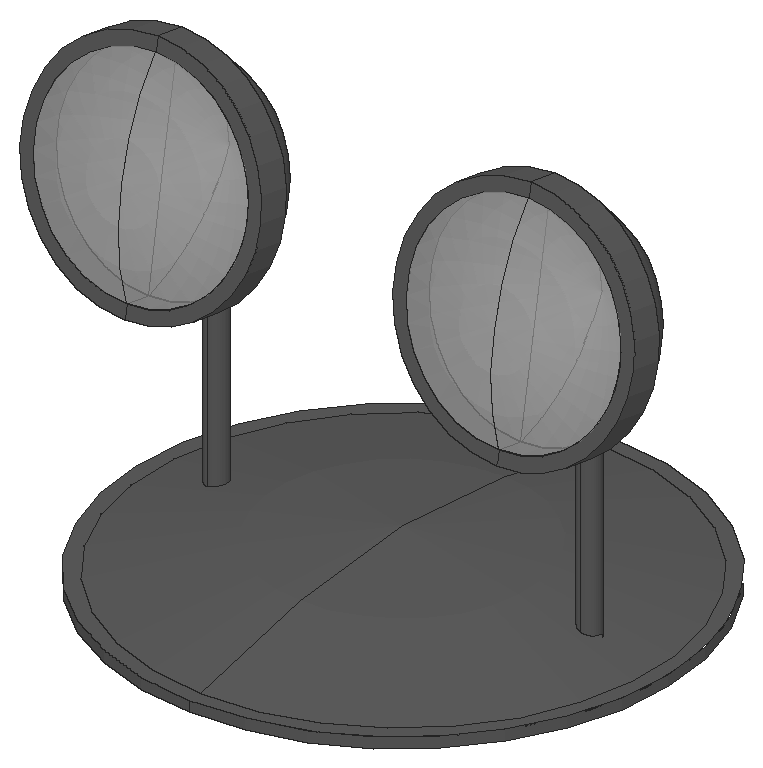
Revit family "GNX Double", category Lighting Fixtures, host Face, Revit 2012
Parameters (values of type "GNX - Black")
  Wattage Comments = "5-35 W"
  Voltage = 6 V
  URL = "http://www.dual-lite.com/"
  Total Input Wattage = 5 W
  Tilt Angle [instance] = 10.00°
  Lens = Hubbell - Glass
  Product Page URL = "http://www.dual-lite.com/products/gnx"
  Product Documentation Link = "http://cdn.dual-lite.com/content/products/specs/specs_files/dlt_remoteheads_specsht.pdf"
  Photometric Web [instance] = GNX Photometry : gnx-1218
  Model = "GNX"  # constant formula
  Manufacturer Phone = "864-678-1000"  # constant formula
  Manufacturer Fax = "866-898-0131"  # constant formula
  Manufacturer = "Dual-lite"  # constant formula
  Load Classification = Lighting
  Description = "Environmental Lighting Head"  # constant formula
  Default Elevation = 48.000"
  Fixture Color = Hubbell - Paint - Black
  Apparent Load = 5 VA
Reference planes (in)
  plane 1 "Center (Front/Back)": y = 0
  plane 2: z = 0
  plane 3 "Center (Left/Right)": x = 0
  plane 4: z = 4
  plane 5: z = 0.2
  plane 6: y = -3.5
  plane 7: y = 3.5
  plane 8: x = -3
  plane 9: x = 3
Dimensions and locks (in)
  locked: plane 5 to plane 2 at 0.2
  equal spacing: plane 8, plane 3 "Center (Left/Right)", plane 9, locked at 3 each
  plane 8 to plane 9 = 6.000"
  equal spacing: plane 6, plane 1 "Center (Front/Back)", plane 7
  plane 2 to plane 5 = 0.200"
  locked: plane 2 to plane 4 at 4
  plane 6 to plane 7 = 7.000"
  locked: plane 1 "Center (Front/Back)" to plane 7 at 3.5
  aligned and locked: plane 2 to host face
  aligned and locked: level to host face
  aligned and locked: plane 3 "Center (Left/Right)" to nested 1
  aligned and locked: nested 1 to plane 1 "Center (Front/Back)"
  aligned and locked: nested 2 to nested 1
  aligned and locked: nested 3 to nested 1
Automatic sketch dimensions
  host sketch curve to host sketch curve = 96.000"  (x2)
Nested families (in)
  nested 1: "GNX" at (0, 0, 0) x (0, 1, 0) z (0, 0, 1), Tilt Angle <- "Tilt Angle", type "GNX"
    with zz Angle1 10.00°, Tilt Angle 10.00°
  nested 2: "GNX Photometry" at (-3.73896, -1.76182, 6.40251) x (-1, 0, 0) z (0, -0.9848, 0.1736), type <- "Photometric Web", type "gnx-1218"
  nested 3: "GNX Photometry" at (3.26104, -1.76211, 6.4009) x (-1, 0, 0) z (0, -0.9848, 0.1736), type <- "Photometric Web", type "gnx-1218"
Connectors (in)
  electrical at (0, 0, 0), driven by "Load Classification", driven by "Voltage", driven by "Apparent Load"
    settings: on nested 1, index 1, voltage 6 V, apparent load 5 VA, apparent load phase1 0 VA, apparent load phase2 0 VA, apparent load phase3 0 VA, power factor 1, load classification "Lighting", number of poles 1, system type 30, power factor state 1, is connector primary yes, connector utility no, sub classification motor no, connector description "Electrical Connector"
Definition of nested family "GNX"
  Parameters (values of type "GNX")
    zz Angle1 [instance] = if(Tilt Angle < 10.00°, 10.00°, if(Tilt Angle > 140.00°, 140.00°, Tilt Angle))  # 25.00°
    Wattage Comments = "5-35 W"
    Voltage = 6 V
    URL = "http://www.dual-lite.com/"
    Total Input Wattage = 5 W
    Tilt Angle [instance] = 25.00°
    Lens = Hubbell - Glass
    Product Page URL = "http://www.dual-lite.com/products/gnx"
    Product Documentation Link = "http://cdn.dual-lite.com/content/products/specs/specs_files/dlt_remoteheads_specsht.pdf"
    Model = "GNX"  # constant formula
    Manufacturer Phone = "864-678-1000"  # constant formula
    Manufacturer Fax = "866-898-0131"  # constant formula
    Manufacturer = "Dual-lite"  # constant formula
    Load Classification = Lighting
    Description = "Environmental Lighting Head"  # constant formula
    Default Elevation = 48.000"
    Fixture Color = Hubbell - Paint - Black
    Apparent Load = 5 VA
  Reference planes (in)
    plane 1 "Center (Front/Back)": y = 0
    plane 2: z = 0
    plane 3 "Center (Left/Right)": x = 0
    plane 4: z = 4
    plane 5: z = 0.2
    plane 6: y = -3.5
    plane 7: y = 3.5
    plane 8: x = -3
    plane 9: x = 3
  Forms (in)
    Extrusion 1, solid
      sketch origin (0, 0, 0) x (1, 0, 0) y (0, 1, 0)
        loop
          line (-48, 48) -> (-48, -48) -> (48, -48) -> (48, 48) -> (-48, 48)
      from 0 to -12
    Extrusion 2, solid, material "Hubbell - Paint - Black" <- "Fixture Color"
      sketch origin (0, 0, 0) x (1, 0, 0) y (0, 1, 0)
        loop
          circle (0, 0) r 5
      from 0 to 0.2
    Revolve 3, solid, material "Hubbell - Paint - Black" <- "Fixture Color"
      sketch origin (-60, 3.5, 48) x (-1, 0, 0) y (0, 0, 1)
        loop
          line (-60, -47.8) -> (-60, -44) -> (-60.2, -44) -> (-60.2, -47.8) -> (-60, -47.8)
        axis (-60, -44) -> (-60, -47.8)
      angle from 0 to 360
    Revolve 4, solid, material "Hubbell - Paint - Black" <- "Fixture Color"
      sketch origin (-64.87214, -3.5, 48) x (-1, 0, 0) y (0, 0, 1)
        loop
          line (-64.87214, -47.8) -> (-64.87214, -44) -> (-65.07214, -44) -> (-65.07214, -47.8) -> (-64.87214, -47.8)
        axis (-64.87214, -44) -> (-64.87214, -47.8)
      angle from 0 to 360
    Revolve 5, solid, material "Hubbell - Paint - Black" <- "Fixture Color"
      sketch origin (0, 0, 0) x (1, 0, 0) y (0, 0, 1)
        loop
          line (0, 0.2) -> (4.73531, 0.2)
          arc (4.73531, 0.2) -> (2.39097, 0.72217) -> (0, 0.95) r 19.35779
          line (0, 0.95) -> (0, 0.2)
        axis (0, 0.95) -> (0, 0.2)
      angle from 0 to 360
  Dimensions and locks (in)
    locked: plane 5 to plane 2 at 0.2
    equal spacing: plane 8, plane 3 "Center (Left/Right)", plane 9, locked at 3 each
    plane 8 to plane 9 = 6.000"
    locked: plane 1 "Center (Front/Back)" to Extrusion 2 sketch curve at 0
    plane 3 "Center (Left/Right)" to Extrusion 2 sketch curve = 5.000"
    equal spacing: plane 6, plane 1 "Center (Front/Back)", plane 7
    plane 2 to plane 5 = 0.200"
    locked: plane 2 to plane 4 at 4
    locked: Revolve 3 sketch curve to Revolve 3 sketch curve at 0.2
    locked: Revolve 4 sketch curve to Revolve 4 sketch curve at 0.2
    plane 6 to plane 7 = 7.000"
    locked: plane 1 "Center (Front/Back)" to plane 7 at 3.5
    "zz Angle1": angle nested 1 to plane 3 "Center (Left/Right)"
    "zz Angle1": angle nested 2 to plane 3 "Center (Left/Right)"
    aligned and locked: plane 2 to Extrusion 1
    aligned and locked: level to Extrusion 1
    aligned and locked: plane 5 to Extrusion 2
    aligned and locked: Revolve 4 sketch curve to plane 3 "Center (Left/Right)"
    aligned and locked: plane 5 to Revolve 3 sketch curve
    aligned and locked: plane 5 to Revolve 4 sketch curve
    aligned and locked: nested 1 to nested 2
    aligned and locked: plane 4 to Revolve 3 sketch curve
    aligned and locked: plane 4 to Revolve 4 sketch curve
    aligned and locked: plane 4 to nested 1
    aligned and locked: plane 3 "Center (Left/Right)" to nested 1
    aligned and locked: nested 2 to plane 6
    aligned and locked: plane 7 to nested 1
  Automatic sketch dimensions
    Extrusion 1 sketch curve to Extrusion 1 sketch curve = 96.000"  (x2)
    Extrusion 2 sketch curve to plane 3 "Center (Left/Right)" = 0.000"
    level to Revolve 3 sketch curve = 24.000"
    Revolve 3 sketch curve to Revolve 3 sketch curve = 99.71882"
    Revolve 4 sketch curve to plane 3 "Center (Left/Right)" = 0.000"
    Revolve 4 sketch curve to level = 24.16935"
    Revolve 4 sketch curve to Revolve 4 sketch curve = 99.54947"
    Revolve 3 sketch curve to plane 3 "Center (Left/Right)" = 0.000"  (x2)
    Revolve 5 sketch curve to plane 3 "Center (Left/Right)" = 0.000"  (x2)
    Revolve 5 sketch curve to plane 5 = 0.000"
    Revolve 5 sketch curve to plane 3 "Center (Left/Right)" = 0.63726"
    Revolve 5 sketch curve to plane 9 = 1.73531"
    Revolve 5 sketch curve to level = 0.89187"
    Revolve 5 sketch curve to Revolve 5 sketch curve = 17.50543"
    Revolve 5 sketch curve to plane 4 = 1.250"
  Nested families (in)
    nested 1: "GNX Model" at (0, 3.5, 4) x (0.9063, 0, -0.4226) z (0, -1, 0), type "Black"
    nested 2: "GNX Model" at (0, -3.5, 4) x (0.9063, 0, -0.4226) z (0, -1, 0), type "Black"
  Definition of nested family "GNX Model"
    Parameters (values of type "Black")
      URL = ""
      Product Page URL = ""
      Product Documentation Link = ""
      Manufacturer Phone = ""
      Manufacturer Fax = ""
      Manufacturer = ""
      Lens = Hubbell - Glass
      Finish = Hubbell - Paint - Black
    Reference planes (in)
      plane 1 "Center (Front/Back)": y = 0
      plane 2: z = 0
      plane 3 "Center (Left/Right)": x = 0
      plane 4: z = 5.6
      plane 5: z = 5.1
      plane 6: z = 11.8
      plane 7: y = 4.5
      plane 8: x = -4.246
      plane 9: y = 2.25
      plane 10: z = 0.25
      plane 11: z = -0.25
      plane 12: z = 0
      plane 13: through (0, 0, 48) normal (0.8192, 0.5736, 0)
      plane 14: y = 0
      plane 15: y = 2
    Forms (in)
      Revolve 1, solid, material "Hubbell - Paint - Black" <- "Finish"
        sketch origin (2.09375, -0.25, 0) x (1, 0, 0) y (0, 1, 0)
          loop
            line (-1.93672, 2.25) -> (-2.15593, 2.25)
            arc (-2.15593, 2.25) -> (-2.71089, 1.07318) -> (-3.7185, 0.25) r 2.94713
            line (-3.7185, 0.25) -> (-4.246, 0.25) -> (-4.246, 0) -> (-3.66713, 0) -> (-3.58932, 0.13477)
            arc (-3.58932, 0.13477) -> (-2.47154, 0.96465) -> (-1.93672, 2.25) r 2.61982
          axis (-4.246, 2.25) -> (-1.93672, 2.25)
        angle from 0 to 360
      Revolve 2, solid, material "Hubbell - Glass" <- "Lens"
        sketch origin (2.09375, -0.25, 0) x (1, 0, 0) y (0, 1, 0)
          loop
            line (-3.7185, 0.25) -> (-3.7185, 2.25) -> (-4.70774, 2.25)
            arc (-4.70774, 2.25) -> (-4.60006, 1.22156) -> (-4.246, 0.25) r 4.22884
            line (-4.246, 0.25) -> (-3.7185, 0.25)
          axis (-4.70774, 2.25) -> (-3.7185, 2.25)
        angle from 0 to 360
      Extrusion 3, solid, material "Hubbell - Paint - Black" <- "Finish"
        sketch origin (0, 0, 0) x (1, 0, 0) y (0, 1, 0)
          loop
            arc (-0.41377, -0.28071) -> (0.21157, -0.45303) -> (0.48084, 0.13708) r 0.5
            line (0.48084, 0.13708) -> (0.01536, 1.76991) -> (-0.82404, 0.32404) -> (-0.41377, -0.28071)
        from -0.25 to 0.25
    Cuts and joins
      joined: Revolve 1, Extrusion 3
    Lines and regions (in)
      reference lines
        curve 1: line (0, 0, 0) -> (0.87865, 0, 0)
        curve 2: line (0, 0, 0) -> (0, 0.29239, 0)
    Dimensions and locks (in)
      locked: plane 4 to plane 5 at 0.5
      plane 6 to plane 5 = 6.700"
      equal spacing: plane 7, plane 9, plane 1 "Center (Front/Back)"
      plane 7 to plane 1 "Center (Front/Back)" = 4.500"
      locked: plane 9 to plane 15 at 0.25
      aligned and locked: Revolve 1 to Revolve 2 sketch curve
      aligned and locked: plane 11 to Extrusion 3
      aligned and locked: plane 10 to Extrusion 3
      aligned and locked: plane 14 to curve 1
    Automatic sketch dimensions
      Revolve 1 sketch curve to plane 8 = 2.09375"
      plane 1 "Center (Front/Back)" to Revolve 1 sketch curve = 0.250"
      Revolve 1 sketch curve to plane 9 = 0.250"  (x2)
      Revolve 1 sketch curve to plane 8 = 1.80377"
      Revolve 1 sketch curve to Revolve 1 sketch curve = 0.49728"
      Revolve 1 sketch curve to plane 1 "Center (Front/Back)" = 0.000"
      Revolve 1 sketch curve to plane 8 = 2.62125"
      Revolve 1 sketch curve to Revolve 1 sketch curve = 0.05137"
      plane 1 "Center (Front/Back)" to Revolve 1 sketch curve = 0.11523"
      Revolve 1 sketch curve to Revolve 1 sketch curve = 0.07781"
      Revolve 1 sketch curve to plane 3 "Center (Left/Right)" = 0.06218"
      Revolve 1 sketch curve to Revolve 1 sketch curve = 0.21921"
      Revolve 1 sketch curve to Revolve 1 sketch curve = 11.30875"
      plane 3 "Center (Left/Right)" to Revolve 1 sketch curve = 10.97206"
      Revolve 2 sketch curve to plane 9 = 0.250"  (x2)
      Revolve 2 sketch curve to plane 8 = 2.09375"
      Revolve 2 sketch curve to plane 8 = 1.63201"
      Revolve 2 sketch curve to Revolve 2 sketch curve = 11.63427"
      Revolve 2 sketch curve to plane 1 "Center (Front/Back)" = 0.000"
      Revolve 2 sketch curve to plane 9 = 0.32716"
      plane 3 "Center (Left/Right)" to Revolve 2 sketch curve = 10.97206"
      plane 1 "Center (Front/Back)" to Extrusion 3 sketch curve = 0.000"
      Extrusion 3 sketch curve to plane 3 "Center (Left/Right)" = 0.000"
      Extrusion 3 sketch curve to plane 3 "Center (Left/Right)" = 0.41377"
      Extrusion 3 sketch curve to plane 1 "Center (Front/Back)" = 0.32404"
      plane 3 "Center (Left/Right)" to Extrusion 3 sketch curve = 0.01536"
      Extrusion 3 sketch curve to plane 1 "Center (Front/Back)" = 0.13708"
      plane 3 "Center (Left/Right)" to Extrusion 3 sketch curve = 0.48084"
      Extrusion 3 sketch curve to plane 9 = 0.48009"
      Extrusion 3 sketch curve to Extrusion 3 sketch curve = 0.41027"
      curve 2 to plane 3 "Center (Left/Right)" = 0.000"
      plane 3 "Center (Left/Right)" to curve 1 = 0.87865"
      curve 1 to curve 2 = 0.29239"
Definition of nested family "GNX Photometry"
  Parameters (values of type "gnx-0612")
    Wattage Comments = ""
    Wattage = 12 W
    built-in parameter 1150110 = 1 (stored number, unit not read)
    Voltage = 6 V
    URL = ""
    built-in parameter 1114217 = 1 (stored number, unit not read)
    Tilt Angle = 90.00°
    built-in parameter 1150109 = 1 (stored number, unit not read)
    built-in parameter 1150134 = 3
    built-in parameter 1150113 = 1 (stored number, unit not read)
    Product Page URL = ""
    Product Documentation Link = ""
    Photometric Web File = "gnx-0612.ies"
    Model = ""
    Manufacturer Phone = ""
    Manufacturer Fax = ""
    Manufacturer = ""
    built-in parameter 1150105 = 77.588 (stored number, unit not read)
    Lumens = 975 lm
    built-in parameter 1150115 = 1 (stored number, unit not read)
    built-in parameter 1150137 = (empty or 0)
    built-in parameter 1150139 = (empty or 0)
    built-in parameter 1150112 = 1 (stored number, unit not read)
    built-in parameter 1150114 = 1 (stored number, unit not read)
    Lamp = ""
    built-in parameter 1150132 = 1
    built-in parameter 1150102 = (empty or 0)
    built-in parameter 1150107 = 3200 (stored number, unit not read)
    built-in parameter 1150138 = (empty or 0)
    built-in parameter 1150106 = 0.77588 (stored number, unit not read)
    Emit from Circle Diameter = 3.500"  # constant formula
    Emit Shape Visible in Rendering = no
    built-in parameter 1150104 = 7.5484 (stored number, unit not read)
    Dimming Lamp Color Temperature Shift = (empty or 0)
    Description = ""
    Default Elevation = 48.000"
    Color Filter = 16777215
    built-in parameter 1114218 = 1 (stored number, unit not read)
    built-in parameter 1150133 = 10 (stored number, unit not read)
    Apparent Load = 5.4 VA
  Types (13): name | Wattage | Voltage | Tilt Angle | Photometric Web File | built-in parameter 1150105 | Lumens | built-in parameter 1150106
    gnx-0605 | 5 W | 6 V | 0.00° | "gnx-0605.ies" | 32.328 (stored number, unit not read) | 406.25 lm | 0.32328 (stored number, unit not read)
    gnx-0607 | 7.2 W | 6 V | 90.00° | "gnx-0607.ies" | 46.553 (stored number, unit not read) | 585 lm | 0.46553 (stored number, unit not read)
    gnx-0608 | 8 W | 6 V | 90.00° | "gnx-0608.ies" | 51.725 (stored number, unit not read) | 650 lm | 0.51725 (stored number, unit not read)
    gnx-0612 | 12 W | 6 V | 90.00° | "gnx-0612.ies" | 77.588 (stored number, unit not read) | 975 lm | 0.77588 (stored number, unit not read)
    gnx-0618 | 18 W | 6 V | 90.00° | "gnx-0618.ies" | 116.38 (stored number, unit not read) | 1462.5 lm | 1.1638 (stored number, unit not read)
    gnx-0620 | 20 W | 6 V | 90.00° | "gnx-0620.ies" | 129.31 (stored number, unit not read) | 1625 lm | 1.2931 (stored number, unit not read)
    gnx-0625 | 25 W | 6 V | 90.00° | "gnx-0625.ies" | 161.64 (stored number, unit not read) | 2031.25 lm | 1.6164 (stored number, unit not read)
    gnx-1208 | 8 W | 6 V | 90.00° | "gnx-1208.ies" | 51.725 (stored number, unit not read) | 650 lm | 0.51725 (stored number, unit not read)
    gnx-1209 | 9 W | 6 V | 90.00° | "gnx-1209.ies" | 2571.7 (stored number, unit not read) | 731.25 lm | 25.717 (stored number, unit not read)
    gnx-1212 | 12 W | 6 V | 90.00° | "gnx-1212.ies" | 35063.3 (stored number, unit not read) | 975 lm | 350.63 (stored number, unit not read)
    gnx-1218 | 18 W | 12 V | 90.00° | "gnx-1218.ies" | 56983 (stored number, unit not read) | 1462.5 lm | 569.83 (stored number, unit not read)
    gnx-1225 | 25 W | 12 V | 90.00° | "gnx-1225.ies" | 9900.2 (stored number, unit not read) | 2031.25 lm | 99.002 (stored number, unit not read)
    gnx-1235 | 35 W | 12 V | 90.00° | "gnx-1235.ies" | 11968.1 (stored number, unit not read) | 2843.75 lm | 119.68 (stored number, unit not read)
  Reference planes (in)
    plane 1 "Center (Front/Back)": y = 0.03999
    plane 2: z = 0
    plane 3 "Center (Left/Right)": x = -0.23896
  Forms (in)
    Extrusion 1, solid
      sketch origin (0, 0, 0.06357) x (1, 0, 0) y (0, 1, 0)
        loop
          line (-48, 48) -> (-48, -48) -> (48, -48) -> (48, 48) -> (-48, 48)
      from -0.06357 to -17.74365
  Lines and regions (in)
    reference lines
      curve 1: line (-0.23896, 0.03999, 18.11448) -> (-0.23896, 0.03999, -22.88552)
      curve 2: line (-0.23896, 0.03999, 34) -> (-0.23896, 0.03999, -22.88552)
  Dimensions and locks (in)
    aligned and locked: plane 2 to Extrusion 1
    aligned and locked: level to Extrusion 1
    aligned and locked: curve 1 to plane 3 "Center (Left/Right)"
    aligned and locked: plane 1 "Center (Front/Back)" to curve 2
    aligned and locked: imposter light to plane 1 "Center (Front/Back)"
